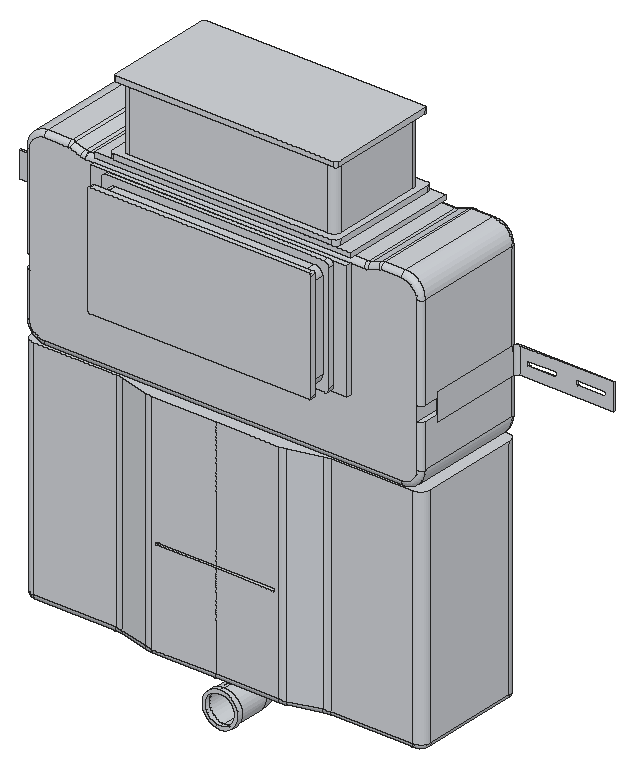
Revit family "Plum Fix_Toilet_Argent_In Wall Cistern Low-Level", category Plumbing Fixtures, Revit 2016
Family settings
  Part Type = Normal
  Round Connector Dimension = Use Diameter
  OmniClass Number = 23.45.05.21.11
  OmniClass Title = Water Closets
  Work Plane-Based = No
  Always vertical = Yes
  Cut with Voids When Loaded = Yes
  Shared = No
  Room Calculation Point = No
Parameters (values of type "4.5/3L")
  Waste Connection = no
  WFU = 0
  Vent Connection = no
  URL = "https://www.argentaust.com.au/"
  Type Comments = "In-Wall 4.5/3L"
  ModifiedIssue_ANZRS = 20190423
  Model = "IN36305"
  Manufacturer_URL__Product Specific = "https://www.argentaust.com.au/argent-flushing-in-wall-cisterns-argent-low-level-in-wall-cistern-mechanical?item=8984"
  Manufacturer_Spec Code = Model  # "IN36305"
  Manufacturer_Overall Width = 405 mm  # constant formula
  Manufacturer_Overall Height = 535 mm
  Manufacturer_Overall Depth = 150 mm
  Manufacturer_Height From FFL [instance] = 660 mm
  Manufacturer = "Argent"  # constant formula
  Keynote = ""
  HWFU = 0
  HW Connection = no
  Description = "Argent Low level in wall cistern 4.5/3L"  # constant formula
  CreatedBy_ANZRS = "IGS BIM Solutions"  # constant formula
  CreatedByURL_ANZRS = "https://igsgroup.com.au/"
  Cost = 0
  CWFU = 0
  CW Connection = yes
  Body Material = none
  Assembly Code = ""
Reference planes
  plane 1 "Ref. Level": z = 0
  plane 2 "Center (Left/Right)": x = -4.48
  plane 3 "Left": x = -206.98
  plane 4 "Right": x = 198.02
  plane 5 "Front Offset": y = -450.5
  plane 6 "Back": y = -320.5
  plane 7 "Bottom": z = 660
  plane 8 "Front": y = -470.5
  plane 9 "Top": z = 1195
  plane 10 "Top Offset": z = 1125
  plane 11 "Center ofCistern": z = 925
Forms (mm)
  Sweep 1, solid, material <- "Body Material"
    path origin (0, -470.5, 0) x (0, 0, 1) y (-1, 0, 0)
      loop
        arc (1105.561, 105.21) -> (1102.632, 112.281) -> (1095.561, 115.21) r 10
        line (1095.561, 115.21) -> (1005.561, 115.21)
        arc (1005.561, 115.21) -> (998.489, 112.281) -> (995.561, 105.21) r 10
        line (995.561, 105.21) -> (995.561, -96.25)
        arc (995.561, -96.25) -> (998.489, -103.321) -> (1005.561, -106.25) r 10
        line (1005.561, -106.25) -> (1095.561, -106.25)
        arc (1095.561, -106.25) -> (1102.632, -103.321) -> (1105.561, -96.25) r 10
        line (1105.561, -96.25) -> (1105.561, 105.21)
    profile origin (-4.48, -470.5, 1105.561) x (0, 0, 1) y (0, -1, 0)
      loop
        line (-4, -20) -> (-2, -20) -> (-2, -5) -> (-4, -5) -> (-4, -20)
  Extrusion 2, solid, material <- "Body Material"
    sketch origin (-4.48, -47.376, 1125) x (0, 1, 0) y (1, 0, 0)
      loop
        line (-273.124, -110.73) -> (-273.124, 110.73)
        arc (-273.124, 110.73) -> (-274.589, 114.265) -> (-278.124, 115.73) r 5
        line (-278.124, 115.73) -> (-388.124, 115.73)
        arc (-388.124, 115.73) -> (-391.66, 114.265) -> (-393.124, 110.73) r 5
        line (-393.124, 110.73) -> (-393.124, -110.73)
        arc (-393.124, -110.73) -> (-391.66, -114.265) -> (-388.124, -115.73) r 5
        line (-388.124, -115.73) -> (-278.124, -115.73)
        arc (-278.124, -115.73) -> (-274.589, -114.265) -> (-273.124, -110.73) r 5
    from 0 to 5
  Extrusion 3, solid, material <- "Body Material"
    sketch origin (-4.48, -47.376, 1195) x (0, 1, 0) y (1, 0, 0)
      loop
        line (-275.624, -110.73) -> (-275.624, 110.73)
        arc (-275.624, 110.73) -> (-276.356, 112.498) -> (-278.124, 113.23) r 2.5
        line (-278.124, 113.23) -> (-388.124, 113.23)
        arc (-388.124, 113.23) -> (-389.892, 112.498) -> (-390.624, 110.73) r 2.5
        line (-390.624, 110.73) -> (-390.624, -110.73)
        arc (-390.624, -110.73) -> (-389.892, -112.498) -> (-388.124, -113.23) r 2.5
        line (-388.124, -113.23) -> (-278.124, -113.23)
        arc (-278.124, -113.23) -> (-276.356, -112.498) -> (-275.624, -110.73) r 2.5
    from 0 to 5
  Sweep 4, solid, material <- "Body Material"
    path origin (-4.48, -47.376, 1195) x (0, 1, 0) y (-1, 0, 0)
      loop
        arc (-278.124, 100.73) -> (-281.053, 107.801) -> (-288.124, 110.73) r 10
        line (-288.124, 110.73) -> (-378.124, 110.73)
        arc (-378.124, 110.73) -> (-385.195, 107.801) -> (-388.124, 100.73) r 10
        line (-388.124, 100.73) -> (-388.124, -100.73)
        arc (-388.124, -100.73) -> (-385.195, -107.801) -> (-378.124, -110.73) r 10
        line (-378.124, -110.73) -> (-288.124, -110.73)
        arc (-288.124, -110.73) -> (-281.053, -107.801) -> (-278.124, -100.73) r 10
        line (-278.124, -100.73) -> (-278.124, 100.73)
    profile origin (-4.48, -325.5, 1195) x (0, 1, 0) y (0, 0, 1)
      loop
        line (-4, -70) -> (-2, -70) -> (-2, -5) -> (-4, -5) -> (-4, -70)
  Extrusion 5, solid, material <- "Body Material"
    sketch origin (4267.2, -450.5, 2852.183) x (0, 0, 1) y (1, 0, 0)
      loop
        line (-1741.623, -4382.41) -> (-1741.623, -4160.95)
        arc (-1741.623, -4160.95) -> (-1743.087, -4157.414) -> (-1746.623, -4155.95) r 5
        line (-1746.623, -4155.95) -> (-1856.623, -4155.95)
        arc (-1856.623, -4155.95) -> (-1860.158, -4157.414) -> (-1861.623, -4160.95) r 5
        line (-1861.623, -4160.95) -> (-1861.623, -4382.41)
        arc (-1861.623, -4382.41) -> (-1860.158, -4385.945) -> (-1856.623, -4387.41) r 5
        line (-1856.623, -4387.41) -> (-1746.623, -4387.41)
        arc (-1746.623, -4387.41) -> (-1743.087, -4385.945) -> (-1741.623, -4382.41) r 5
    from 5 to 0
  Extrusion 6, solid, material <- "Body Material"
    sketch origin (0, -470.5, 0) x (0, 0, 1) y (-1, 0, 0)
      loop
        arc (1108.061, 115.21) -> (1107.328, 116.978) -> (1105.561, 117.71) r 2.5
        line (1105.561, 117.71) -> (995.561, 117.71)
        arc (995.561, 117.71) -> (993.793, 116.978) -> (993.061, 115.21) r 2.5
        line (993.061, 115.21) -> (993.061, -106.25)
        arc (993.061, -106.25) -> (993.793, -108.018) -> (995.561, -108.75) r 2.5
        line (995.561, -108.75) -> (1105.561, -108.75)
        arc (1105.561, -108.75) -> (1107.328, -108.018) -> (1108.061, -106.25) r 2.5
        line (1108.061, -106.25) -> (1108.061, 115.21)
    from 0 to -5
  Extrusion 7, solid, material <- "Body Material"
    sketch origin (-28.989, 0, 925) x (0, 1, 0) y (1, 0, 0)
      loop
        line (-320.5, -167.991) -> (-320.5, 217.009)
        arc (-320.5, 217.009) -> (-323.429, 224.08) -> (-330.5, 227.009) r 10
        line (-330.5, 227.009) -> (-430.5, 227.009)
        arc (-430.5, 227.009) -> (-437.571, 224.08) -> (-440.5, 217.009) r 10
        line (-440.5, 217.009) -> (-440.5, 133.964)
        arc (-440.5, 133.964) -> (-440.756, 130.055) -> (-441.519, 126.213) r 30
        line (-441.519, 126.213) -> (-449.481, 96.444)
        arc (-449.481, 96.444) -> (-450.244, 92.601) -> (-450.5, 88.692) r 30
        line (-450.5, 88.692) -> (-450.5, 24.509) -> (-450.5, -39.673)
        arc (-450.5, -39.673) -> (-450.244, -43.582) -> (-449.481, -47.425) r 30
        line (-449.481, -47.425) -> (-441.519, -77.194)
        arc (-441.519, -77.194) -> (-440.756, -81.037) -> (-440.5, -84.946) r 30
        line (-440.5, -84.946) -> (-440.5, -167.991)
        arc (-440.5, -167.991) -> (-437.571, -175.062) -> (-430.5, -177.991) r 10
        line (-430.5, -177.991) -> (-330.5, -177.991)
        arc (-330.5, -177.991) -> (-323.429, -175.062) -> (-320.5, -167.991) r 10
    from 0 to 235
  Extrusion 8, solid, material <- "Body Material"
    sketch origin (-137.256, -320.5, 4000) x (-1, 0, 0) y (0, 0, 1)
      loop
        line (-314.276, -3075) -> (48.724, -3075)
        arc (48.724, -3075) -> (62.867, -3069.142) -> (68.724, -3055) r 20
        line (68.724, -3055) -> (68.724, -3010.818) -> (63.724, -3010.818) -> (63.724, -2995.818) -> (68.724, -2995.818) -> (68.724, -2900)
        arc (68.724, -2900) -> (62.867, -2885.858) -> (48.724, -2880) r 20
        line (48.724, -2880) -> (24.225, -2880)
        arc (24.225, -2880) -> (22.489, -2880.152) -> (20.805, -2880.603) r 10
        line (20.805, -2880.603) -> (10.381, -2884.397)
        arc (10.381, -2884.397) -> (8.698, -2884.848) -> (6.961, -2885) r 10
        line (6.961, -2885) -> (-276.262, -2885)
        arc (-276.262, -2885) -> (-277.999, -2884.848) -> (-279.683, -2884.397) r 10
        line (-279.683, -2884.397) -> (-290.106, -2880.603)
        arc (-290.106, -2880.603) -> (-291.79, -2880.152) -> (-293.526, -2880) r 10
        line (-293.526, -2880) -> (-314.276, -2880)
        arc (-314.276, -2880) -> (-328.418, -2885.858) -> (-334.276, -2900) r 20
        line (-334.276, -2900) -> (-334.276, -2995.818) -> (-329.276, -2995.818) -> (-329.276, -3010.818) -> (-334.276, -3010.818) -> (-334.276, -3055)
        arc (-334.276, -3055) -> (-328.418, -3069.142) -> (-314.276, -3075) r 20
    from 0 to -120
  Extrusion 9, solid, material <- "Body Material"
    sketch origin (-137.256, -320.5, 4000) x (-1, 0, 0) y (0, 0, 1)
      loop
        line (-2.776, -2889.439) -> (-262.776, -2889.439) -> (-262.776, -3009.439) -> (-2.776, -3009.439) -> (-2.776, -2889.439)
    from -120 to -125
  Extrusion 10, solid, material <- "Body Material"
    sketch origin (-4.48, 0, 1125) x (0, 1, 0) y (1, 0, 0)
      loop
        line (-320.5, -130) -> (-320.5, 130) -> (-440.5, 130) -> (-440.5, -130) -> (-320.5, -130)
    from 5 to 10
  Sweep 11, void
    path origin (-137.256, -320.5, 4000) x (-1, 0, 0) y (0, 0, 1)
      loop
        line (68.724, -2995.818) -> (68.724, -2900)
        arc (68.724, -2900) -> (62.867, -2885.858) -> (48.724, -2880) r 20
        line (48.724, -2880) -> (24.225, -2880)
        arc (24.225, -2880) -> (22.489, -2880.152) -> (20.805, -2880.603) r 10
        line (20.805, -2880.603) -> (10.381, -2884.397)
        arc (10.381, -2884.397) -> (8.698, -2884.848) -> (6.961, -2885) r 10
        line (6.961, -2885) -> (-276.262, -2885)
        arc (-276.262, -2885) -> (-277.999, -2884.848) -> (-279.683, -2884.397) r 10
        line (-279.683, -2884.397) -> (-290.106, -2880.603)
        arc (-290.106, -2880.603) -> (-291.79, -2880.152) -> (-293.526, -2880) r 10
        line (-293.526, -2880) -> (-314.276, -2880)
        arc (-314.276, -2880) -> (-328.418, -2885.858) -> (-334.276, -2900) r 20
        line (-334.276, -2900) -> (-334.276, -2995.818)
    profile origin (-173.73, -320.5, 1120) x (0, 0, -1) y (0, 1, 0)
      loop
        line (0, -120) -> (5, -120)
        arc (5, -120) -> (1.464, -118.536) -> (0, -115) r 5
        line (0, -115) -> (0, -120)
      loop
        line (0, 0) -> (0, -5)
        arc (0, -5) -> (1.464, -1.464) -> (5, 0) r 5
        line (5, 0) -> (0, 0)
  Sweep 12, void
    path origin (0, 0, 660) x (0, -1, 0) y (-1, 0, 0)
      loop
        line (320.5, 196.98) -> (320.5, -188.02)
        arc (320.5, -188.02) -> (323.429, -195.091) -> (330.5, -198.02) r 10
        line (330.5, -198.02) -> (430.5, -198.02)
        arc (430.5, -198.02) -> (437.571, -195.091) -> (440.5, -188.02) r 10
        line (440.5, -188.02) -> (440.5, -104.975)
        arc (440.5, -104.975) -> (440.756, -101.066) -> (441.519, -97.223) r 30
        line (441.519, -97.223) -> (449.481, -67.454)
        arc (449.481, -67.454) -> (450.244, -63.612) -> (450.5, -59.703) r 30
        line (450.5, -59.703) -> (450.5, 4.48) -> (450.5, 68.663)
        arc (450.5, 68.663) -> (450.244, 72.572) -> (449.481, 76.414) r 30
        line (449.481, 76.414) -> (441.519, 106.183)
        arc (441.519, 106.183) -> (440.756, 110.026) -> (440.5, 113.935) r 30
        line (440.5, 113.935) -> (440.5, 196.98)
        arc (440.5, 196.98) -> (437.571, 204.051) -> (430.5, 206.98) r 10
        line (430.5, 206.98) -> (330.5, 206.98)
        arc (330.5, 206.98) -> (323.429, 204.051) -> (320.5, 196.98) r 10
    profile origin (-4.48, -320.5, 660) x (0, 1, 0) y (0, 0, 1)
      loop
        line (0, 30) -> (0, 35)
        arc (0, 35) -> (-1.464, 31.464) -> (-5, 30) r 5
        line (-5, 30) -> (0, 30)
  Extrusion 13, void
    sketch origin (-4.48, 0, 0) x (0, 1, 0) y (0, 0, 1)
      loop
        arc (-450.5, 791.5) -> (-449.5, 792.5) -> (-450.5, 793.5) r 1
        line (-450.5, 793.5) -> (-450.5, 791.5)
    from -60 to 60
  Extrusion 14, void
    sketch origin (-4.48, 0, 0) x (0, 1, 0) y (0, 0, 1)
      loop
        line (-320.5, 1079) -> (-343, 1079) -> (-356.75, 1065.25) -> (-356.75, 1044) -> (-320.5, 1044) -> (-320.5, 1079)
    from -130 to -202.5
  Extrusion 15, solid, material <- "Body Material"
    sketch origin (-4.48, 0, 0) x (0, 1, 0) y (0, 0, 1)
      loop
        line (-325.5, 1079) -> (-343, 1079) -> (-356.75, 1065.25) -> (-356.75, 1044) -> (-325.5, 1044) -> (-325.5, 1079)
      loop
        circle (-340.685, 1059.875) r 6.35
    from -130 to -198.022
  Extrusion 16, solid, material <- "Body Material"
    sketch origin (-4.48, 0, 0) x (0, 1, 0) y (0, 0, 1)
      loop
        circle (-340.685, 1059.875) r 6.35
      loop
        circle (-340.685, 1059.875) r 7.5
    from -198.022 to -202.5
  Extrusion 17, solid, material <- "Body Material"
    sketch origin (-189.564, -1524, 660) x (0, -1, 0) y (1, 0, 0)
      loop
        circle (-1139.634, 185.084) r 20
      loop
        circle (-1139.634, 185.084) r 15
    from -25 to -30
  Sweep 18, solid, material <- "Body Material"
    path origin (-4.48, 0, 30) x (0, 1, 0) y (0, 0, 1)
      loop
        line (-439.366, 630) -> (-407.366, 630)
        arc (-407.366, 630) -> (-391.103, 636.737) -> (-384.366, 653) r 23
        line (-384.366, 653) -> (-384.366, 705)
    profile origin (-4.48, -384.366, 709) x (0, -1, 0) y (1, 0, 0)
      loop
        circle (0, 0) r 15
      loop
        circle (0, 0) r 17
  Extrusion 19, solid, material <- "Body Material"
    sketch origin (-4.48, -439.366, 660) x (0, 0, -1) y (1, 0, 0)
      loop
        circle (0, 0) r 15
      loop
        circle (0, 0) r 18.022
    from 0 to 5
  Sweep 20, void
    path origin (-137.256, -320.5, 4000) x (-1, 0, 0) y (0, 0, 1)
      loop
        line (-334.276, -3010.818) -> (-334.276, -3055)
        arc (-334.276, -3055) -> (-328.418, -3069.142) -> (-314.276, -3075) r 20
        line (-314.276, -3075) -> (48.724, -3075)
        arc (48.724, -3075) -> (62.867, -3069.142) -> (68.724, -3055) r 20
        line (68.724, -3055) -> (68.724, -3010.818)
    profile origin (-4.48, -320.5, 925) x (0, 0, 1) y (0, 1, 0)
      loop
        line (0, -120) -> (5, -120)
        arc (5, -120) -> (1.464, -118.536) -> (0, -115) r 5
        line (0, -115) -> (0, -120)
      loop
        line (0, 0) -> (0, -5)
        arc (0, -5) -> (1.464, -1.464) -> (5, 0) r 5
        line (5, 0) -> (0, 0)
  Sweep 21, solid, material <- "Body Material"
    path origin (-28.989, 0, 925) x (0, 1, 0) y (-1, 0, 0)
      loop
        line (-420.5, 176.991) -> (-325.5, 176.991)
        arc (-325.5, 176.991) -> (-321.964, 178.455) -> (-320.5, 181.991) r 5
        line (-320.5, 181.991) -> (-320.5, 276.991)
    profile origin (-205.98, -373, 925) x (-1, 0, 0) y (0, 0, 1)
      loop
        line (0, 85.173) -> (0, 58.182) -> (1, 58.182) -> (1, 85.173) -> (0, 85.173)
  Sweep 22, solid, material <- "Body Material"
    path origin (20.029, 0, 925) x (0, -1, 0) y (1, 0, 0)
      loop
        line (420.5, 176.991) -> (325.5, 176.991)
        arc (325.5, 176.991) -> (321.964, 178.455) -> (320.5, 181.991) r 5
        line (320.5, 181.991) -> (320.5, 276.991)
    profile origin (197.02, -373, 925) x (-1, 0, 0) y (0, 0, 1)
      loop
        line (0, 85.173) -> (-1, 85.173) -> (-1, 58.182) -> (0, 58.182) -> (0, 85.173)
  Extrusion 23, void
    sketch origin (-137.256, -320.5, 4000) x (-1, 0, 0) y (0, 0, 1)
      loop
        arc (-424.276, -3000.823) -> (-426.776, -3003.323) -> (-424.276, -3005.823) r 2.5
        line (-424.276, -3005.823) -> (-399.276, -3005.823)
        arc (-399.276, -3005.823) -> (-396.776, -3003.323) -> (-399.276, -3000.823) r 2.5
        line (-399.276, -3000.823) -> (-424.276, -3000.823)
      loop
        arc (-374.276, -3000.823) -> (-376.776, -3003.323) -> (-374.276, -3005.823) r 2.5
        line (-374.276, -3005.823) -> (-349.276, -3005.823)
        arc (-349.276, -3005.823) -> (-346.776, -3003.323) -> (-349.276, -3000.823) r 2.5
        line (-349.276, -3000.823) -> (-374.276, -3000.823)
      loop
        line (158.724, -3000.823) -> (133.724, -3000.823)
        arc (133.724, -3000.823) -> (131.224, -3003.323) -> (133.724, -3005.823) r 2.5
        line (133.724, -3005.823) -> (158.724, -3005.823)
        arc (158.724, -3005.823) -> (161.224, -3003.323) -> (158.724, -3000.823) r 2.5
      loop
        line (108.724, -3000.823) -> (83.724, -3000.823)
        arc (83.724, -3000.823) -> (81.224, -3003.323) -> (83.724, -3005.823) r 2.5
        line (83.724, -3005.823) -> (108.724, -3005.823)
        arc (108.724, -3005.823) -> (111.224, -3003.323) -> (108.724, -3000.823) r 2.5
    from 0 to -1
Cuts and joins
  Sweep 11, Extrusion 14, Sweep 20 cuts Extrusion 8
  Sweep 12, Extrusion 13 cuts Extrusion 7
  Extrusion 23 cuts Sweep 21
  Extrusion 23 cuts Sweep 22
Lines and regions (mm)
  Masking region 1
    outline origin (0, -470.5, 0) x (0, 0, 1) y (-1, 0, 0)
      loop
        line (990.561, 115.21) -> (990.561, -106.25)
        arc (990.561, -106.25) -> (992.025, -109.786) -> (995.561, -111.25) r 5
        line (995.561, -111.25) -> (1105.561, -111.25)
        arc (1105.561, -111.25) -> (1109.096, -109.786) -> (1110.561, -106.25) r 5
        line (1110.561, -106.25) -> (1110.561, 115.21)
        arc (1110.561, 115.21) -> (1109.096, 118.745) -> (1105.561, 120.21) r 5
        line (1105.561, 120.21) -> (995.561, 120.21)
        arc (995.561, 120.21) -> (992.025, 118.745) -> (990.561, 115.21) r 5
  Masking region 2
    outline origin (0, 0, 1195) x (0, 1, 0) y (-1, 0, 0)
      loop
        line (-320.5, 305.98) -> (-321.5, 305.98) -> (-321.5, 210.98)
        arc (-321.5, 210.98) -> (-322.672, 208.152) -> (-325.5, 206.98) r 4
        line (-325.5, 206.98) -> (-430.5, 206.98)
        arc (-430.5, 206.98) -> (-432.773, 206.718) -> (-434.926, 205.947) r 10
        arc (-434.926, 205.947) -> (-438.827, 204.713) -> (-440.5, 200.98) r 5
        line (-440.5, 200.98) -> (-440.5, 134.48) -> (-445.5, 134.48) -> (-445.5, 120.21) -> (-450.5, 120.21) -> (-450.5, 115.21) -> (-465.5, 115.21) -> (-465.5, 117.71) -> (-470.5, 117.71) -> (-470.5, -108.75) -> (-465.5, -108.75) -> (-465.5, -106.25) -> (-450.5, -106.25) -> (-450.5, -111.25) -> (-445.5, -111.25) -> (-445.5, -125.52) -> (-440.5, -125.52) -> (-440.5, -192.02)
        arc (-440.5, -192.02) -> (-438.827, -195.753) -> (-434.926, -196.987) r 5
        arc (-434.926, -196.987) -> (-432.773, -197.758) -> (-430.5, -198.02) r 10
        line (-430.5, -198.02) -> (-325.5, -198.02)
        arc (-325.5, -198.02) -> (-322.672, -199.192) -> (-321.5, -202.02) r 4
        line (-321.5, -202.02) -> (-321.5, -297.02) -> (-320.5, -297.02) -> (-320.5, -202.02)
        arc (-320.5, -202.02) -> (-321.964, -198.484) -> (-325.5, -197.02) r 5
        arc (-325.5, -197.02) -> (-321.964, -195.556) -> (-320.5, -192.02) r 5
        line (-320.5, -192.02) -> (-320.5, 200.98)
        arc (-320.5, 200.98) -> (-321.964, 204.516) -> (-325.5, 205.98) r 5
        arc (-325.5, 205.98) -> (-321.964, 207.444) -> (-320.5, 210.98) r 5
        line (-320.5, 210.98) -> (-320.5, 305.98)
  Masking region 3
    outline origin (198.02, 0, 0) x (0, 1, 0) y (0, 0, 1)
      loop
        line (-438, 1195) -> (-438, 1190) -> (-435.5, 1190) -> (-435.5, 1125) -> (-440.5, 1125) -> (-440.5, 1110.561) -> (-450.5, 1110.561) -> (-450.5, 1105.561) -> (-465.5, 1105.561) -> (-465.5, 1108.061) -> (-470.5, 1108.061) -> (-470.5, 993.061) -> (-465.5, 993.061) -> (-465.5, 995.561) -> (-450.5, 995.561) -> (-450.5, 990.561) -> (-440.5, 990.561) -> (-440.5, 930)
        arc (-440.5, 930) -> (-439.036, 926.464) -> (-435.5, 925) r 5
        line (-435.5, 925) -> (-450.5, 925) -> (-450.5, 695)
        arc (-450.5, 695) -> (-449.036, 691.464) -> (-445.5, 690) r 5
        line (-445.5, 690) -> (-404.366, 690) -> (-404.366, 685) -> (-401.347, 685)
        arc (-401.347, 685) -> (-403.45, 679.581) -> (-408.658, 677) r 8.032
        line (-408.658, 677) -> (-439.366, 677) -> (-439.366, 678.022) -> (-444.366, 678.022) -> (-444.366, 641.978) -> (-439.366, 641.978) -> (-439.366, 643) -> (-404.812, 643)
        arc (-404.812, 643) -> (-377.278, 656.452) -> (-366.136, 685) r 42.143
        line (-366.136, 685) -> (-364.366, 685) -> (-364.366, 690) -> (-325.5, 690)
        arc (-325.5, 690) -> (-321.964, 691.464) -> (-320.5, 695) r 5
        line (-320.5, 695) -> (-320.5, 1125) -> (-325.5, 1125) -> (-325.5, 1190) -> (-323, 1190) -> (-323, 1195) -> (-438, 1195)
  symbolic lines, style "Toilets/Bidets", detail levels medium+fine
    curve 1: line (198.02, -443.5, 1195) -> (198.02, -445.5, 1195)
    curve 2: line (-115.21, -470.5, 1108.061) -> (106.25, -470.5, 1108.061)
    curve 3: arc (-115.21, -470.5, 1108.061) -> (-116.978, -470.5, 1107.328) -> (-117.71, -470.5, 1105.561) r 2.5
    curve 4: line (-117.71, -470.5, 995.561) -> (-117.71, -470.5, 1105.561)
    curve 5: arc (-117.71, -470.5, 995.561) -> (-116.978, -470.5, 993.793) -> (-115.21, -470.5, 993.061) r 2.5
    curve 6: line (106.25, -470.5, 993.061) -> (-115.21, -470.5, 993.061)
    curve 7: arc (106.25, -470.5, 993.061) -> (108.018, -470.5, 993.793) -> (108.75, -470.5, 995.561) r 2.5
    curve 8: line (108.75, -470.5, 1105.561) -> (108.75, -470.5, 995.561)
    curve 9: arc (108.75, -470.5, 1105.561) -> (108.018, -470.5, 1107.328) -> (106.25, -470.5, 1108.061) r 2.5
    curve 10: line (-115.21, -465.5, 1195) -> (106.25, -465.5, 1195)
    curve 11: line (-115.21, -450.5, 1195) -> (106.25, -450.5, 1195)
    curve 14: line (-205.98, -325.5, 1195) -> (-205.98, -435.5, 1195)
    curve 15: line (197.02, -325.5, 1195) -> (197.02, -435.5, 1195)
    curve 18: arc (-117.71, -325.5, 1195) -> (-116.978, -323.732, 1195) -> (-115.21, -323, 1195) r 2.5
    curve 19: line (-115.21, -323, 1195) -> (106.25, -323, 1195)
    curve 20: line (-117.71, -435.5, 1195) -> (-117.71, -325.5, 1195)
    curve 21: arc (-115.21, -438, 1195) -> (-116.978, -437.268, 1195) -> (-117.71, -435.5, 1195) r 2.5
    curve 22: line (106.25, -438, 1195) -> (-115.21, -438, 1195)
    curve 23: arc (108.75, -435.5, 1195) -> (108.018, -437.268, 1195) -> (106.25, -438, 1195) r 2.5
    curve 24: line (108.75, -325.5, 1195) -> (108.75, -435.5, 1195)
    curve 25: arc (106.25, -323, 1195) -> (108.018, -323.732, 1195) -> (108.75, -325.5, 1195) r 2.5
    curve 32: line (198.02, -435.5, 1190) -> (198.02, -325.5, 1190)
    curve 33: line (198.02, -434.5, 1125) -> (198.02, -325.5, 1125)
    curve 35: line (198.02, -440.5, 1110.561) -> (198.02, -440.5, 990.561)
    curve 36: line (198.02, -450.5, 1105.561) -> (198.02, -450.5, 995.561)
    curve 37: line (198.02, -465.5, 1105.561) -> (198.02, -465.5, 995.561)
    curve 40: line (198.02, -435.5, 925) -> (198.02, -320.5, 925)
    curve 41: line (198.02, -404.366, 690) -> (198.02, -364.366, 690)
    curve 44: line (198.02, -420.5, 1004.182) -> (198.02, -420.5, 1010.173)
    curve 45: line (198.02, -420.5, 1010.173) -> (198.02, -320.5, 1010.173)
    curve 47: line (198.02, -320.5, 983.182) -> (198.02, -420.5, 983.182)
    curve 48: line (198.02, -420.5, 983.182) -> (198.02, -420.5, 989.182)
    curve 49: line (198.02, -420.5, 989.182) -> (198.02, -440.5, 989.182)
    curve 50: line (198.02, -420.5, 1004.182) -> (198.02, -440.5, 1004.182)
  symbolic lines, style "Toilets/Bidets", detail levels fine
    curve 12: line (-120.21, -445.5, 1195) -> (111.25, -445.5, 1195)
    curve 13: line (-134.48, -440.5, 1195) -> (125.52, -440.5, 1195)
    curve 16: line (-134.48, -320.5, 1195) -> (-134.48, -440.5, 1195)
    curve 17: line (125.52, -320.5, 1195) -> (125.52, -440.5, 1195)
    curve 26: arc (106.25, -320.5, 1195) -> (109.786, -321.964, 1195) -> (111.25, -325.5, 1195) r 5
    curve 27: line (111.25, -325.5, 1195) -> (111.25, -435.5, 1195)
    curve 28: arc (111.25, -435.5, 1195) -> (109.786, -439.036, 1195) -> (106.25, -440.5, 1195) r 5
    curve 29: arc (-115.21, -440.5, 1195) -> (-118.745, -439.036, 1195) -> (-120.21, -435.5, 1195) r 5
    curve 30: line (-120.21, -435.5, 1195) -> (-120.21, -325.5, 1195)
    curve 31: arc (-120.21, -325.5, 1195) -> (-118.745, -321.964, 1195) -> (-115.21, -320.5, 1195) r 5
    curve 34: line (198.02, -445.5, 1110.561) -> (198.02, -445.5, 990.561)
    curve 38: line (198.02, -440.5, 1120) -> (198.02, -320.5, 1120)
    curve 39: line (198.02, -440.5, 1115) -> (198.02, -320.5, 1115)
    curve 42: line (198.02, -401.347, 685) -> (198.02, -366.136, 685)
    curve 43: line (198.02, -439.366, 677) -> (198.02, -439.366, 643)
    curve 46: line (198.02, -321.5, 1010.173) -> (198.02, -321.5, 983.182)
    curve 51: line (198.02, -420.5, 1004.182) -> (198.02, -420.5, 989.182)
Text (mm)
  text "Disclaimer:\n\nDue to ongoing product development and manufacturing evolution, product details are subject to change without notice. Please refer to product technical data sheets on the manufacturer’s website for the most current product information. Please allow a +/- 5mm manufacturing tolerance for dimensions and set-outs shown in product literature." at (322.054, -334.713, 0), in view "Ref. Level_Instruction"
Dimensions and locks
  "Manufacturer_Overall Height": plane 9 "Top" to plane 7 "Bottom"
  equal spacing: plane 3 "Left", plane 2 "Center (Left/Right)", plane 4 "Right"
  "Manufacturer_Overall Width": plane 3 "Left" to plane 4 "Right"
  "Manufacturer_Overall Depth": plane 8 "Front" to plane 6 "Back"
  "Manufacturer_Height From FFL": plane 7 "Bottom" to level
  locked: plane 6 "Back" to plane 5 "Front Offset" at 130
  locked: plane 10 "Top Offset" to plane 7 "Bottom" at 465
  locked: plane 10 "Top Offset" to plane 11 "Center ofCistern" at 200
  aligned and locked: Extrusion 3 to Sweep 4
  aligned and locked: plane 5 "Front Offset" to Extrusion 5
  aligned and locked: Extrusion 7 sketch curve to plane 6 "Back"
  aligned and locked: Extrusion 7 to plane 11 "Center ofCistern"
  aligned and locked: Extrusion 8 sketch curve to plane 11 "Center ofCistern"
  aligned and locked: Extrusion 9 to Extrusion 8
  aligned and locked: Sweep 11 sketch curve to Extrusion 10  (x2)
  aligned and locked: Sweep 11 sketch curve to Extrusion 8
  aligned and locked: Extrusion 8 to Sweep 11 sketch curve
  aligned and locked: Extrusion 9 to Extrusion 5
  aligned and locked: Sweep 12 sketch curve to Extrusion 7  (x4)
  aligned and locked: Sweep 12 sketch curve to plane 6 "Back"
  aligned and locked: Sweep 12 sketch curve to cut or joined group of Extrusion 7, Sweep 12, Extrusion 13  (x4)
Automatic sketch dimensions
  Sweep 1 sketch curve to plane 11 "Center ofCistern" = 70.561 mm
  Sweep 1 sketch curve to Sweep 1 sketch curve = 10 mm  (x3)
  plane 10 "Top Offset" to Sweep 1 sketch curve = 29.439 mm  (x2)
  Sweep 1 sketch curve to plane 4 "Right" = 91.77 mm
  Sweep 1 sketch curve to plane 2 "Center (Left/Right)" = 100.73 mm
  Extrusion 2 sketch curve to plane 6 "Back" = 0 mm
  Extrusion 2 sketch curve to plane 6 "Back" = 5 mm  (x2)
  plane 5 "Front Offset" to Extrusion 2 sketch curve = 15 mm  (x2)
  Extrusion 2 sketch curve to Extrusion 2 sketch curve = 5 mm
  Extrusion 2 sketch curve to plane 4 "Right" = 86.77 mm
  plane 3 "Left" to Extrusion 2 sketch curve = 91.77 mm
  plane 5 "Front Offset" to Extrusion 3 sketch curve = 12.5 mm
  Extrusion 3 sketch curve to Extrusion 3 sketch curve = 2.5 mm  (x2)
  Extrusion 3 sketch curve to plane 6 "Back" = 5 mm  (x2)
  Extrusion 3 sketch curve to plane 6 "Back" = 2.5 mm
  Extrusion 3 sketch curve to plane 4 "Right" = 89.27 mm
  plane 3 "Left" to Extrusion 3 sketch curve = 91.77 mm
  plane 5 "Front Offset" to Sweep 4 sketch curve = 15 mm
  Sweep 4 sketch curve to Sweep 4 sketch curve = 10 mm  (x2)
  Sweep 4 sketch curve to plane 6 "Back" = 15 mm  (x2)
  Sweep 4 sketch curve to plane 6 "Back" = 5 mm
  Sweep 4 sketch curve to plane 4 "Right" = 91.77 mm
  Sweep 4 sketch curve to plane 2 "Center (Left/Right)" = 100.73 mm
  Extrusion 5 sketch curve to plane 11 "Center ofCistern" = 65.561 mm
  Extrusion 5 sketch curve to Extrusion 5 sketch curve = 5 mm  (x3)
  plane 10 "Top Offset" to Extrusion 5 sketch curve = 19.439 mm  (x2)
  plane 3 "Left" to Extrusion 5 sketch curve = 86.77 mm
  Extrusion 5 sketch curve to plane 4 "Right" = 91.77 mm
  Extrusion 6 sketch curve to plane 11 "Center ofCistern" = 68.061 mm
  Extrusion 6 sketch curve to Extrusion 6 sketch curve = 2.5 mm  (x3)
  plane 10 "Top Offset" to Extrusion 6 sketch curve = 19.439 mm  (x2)
  Extrusion 6 sketch curve to plane 4 "Right" = 89.27 mm
  plane 3 "Left" to Extrusion 6 sketch curve = 91.77 mm
  Extrusion 8 sketch curve to plane 10 "Top Offset" = 0 mm  (x2)
  Extrusion 8 sketch curve to plane 4 "Right" = 1 mm  (x2)
  Extrusion 8 sketch curve to Extrusion 8 sketch curve = 5 mm
  Extrusion 8 sketch curve to Extrusion 8 sketch curve = 20 mm
  Extrusion 8 sketch curve to plane 11 "Center ofCistern" = 20 mm
  plane 10 "Top Offset" to Extrusion 8 sketch curve = 5 mm
  Extrusion 8 sketch curve to Extrusion 8 sketch curve = 20.749 mm
  plane 10 "Top Offset" to Extrusion 8 sketch curve = 5.603 mm  (x2)
  Extrusion 8 sketch curve to Extrusion 8 sketch curve = 3.42 mm  (x3)
  plane 10 "Top Offset" to Extrusion 8 sketch curve = 9.397 mm  (x2)
  Extrusion 8 sketch curve to Extrusion 8 sketch curve = 10.424 mm  (x2)
  plane 3 "Left" to Extrusion 8 sketch curve = 62.763 mm
  plane 3 "Left" to Extrusion 8 sketch curve = 21 mm  (x2)
  plane 3 "Left" to Extrusion 8 sketch curve = 6 mm
  plane 3 "Left" to Extrusion 8 sketch curve = 1 mm  (x2)
  Extrusion 8 sketch curve to Extrusion 8 sketch curve = 44.182 mm  (x2)
  Extrusion 8 sketch curve to Extrusion 8 sketch curve = 15 mm  (x2)
  Extrusion 8 sketch curve to Extrusion 8 sketch curve = 19.397 mm
  plane 10 "Top Offset" to Extrusion 9 sketch curve = 14.439 mm
  Extrusion 9 sketch curve to plane 4 "Right" = 72.5 mm
  plane 3 "Left" to Extrusion 9 sketch curve = 72.5 mm
  Extrusion 9 sketch curve to plane 11 "Center ofCistern" = 65.561 mm
  Extrusion 10 sketch curve to plane 6 "Back" = 0 mm
  plane 5 "Front Offset" to Extrusion 10 sketch curve = 10 mm
  Extrusion 10 sketch curve to plane 4 "Right" = 72.5 mm
  plane 3 "Left" to Extrusion 10 sketch curve = 72.5 mm
  Sweep 11 sketch curve to plane 10 "Top Offset" = 0 mm  (x2)
  Sweep 11 sketch curve to plane 4 "Right" = 1 mm
  Sweep 11 sketch curve to Sweep 11 sketch curve = 20 mm
  Sweep 11 sketch curve to Sweep 11 sketch curve = 20.749 mm
  plane 10 "Top Offset" to Sweep 11 sketch curve = 5.603 mm  (x2)
  Sweep 11 sketch curve to Sweep 11 sketch curve = 3.42 mm  (x3)
  plane 10 "Top Offset" to Sweep 11 sketch curve = 9.397 mm  (x2)
  Sweep 11 sketch curve to Sweep 11 sketch curve = 10.424 mm  (x2)
  plane 3 "Left" to Sweep 11 sketch curve = 62.763 mm
  plane 3 "Left" to Sweep 11 sketch curve = 21 mm
  plane 3 "Left" to Sweep 11 sketch curve = 1 mm
  Sweep 11 sketch curve to Sweep 11 sketch curve = 9.397 mm  (x2)
  Sweep 11 sketch curve to plane 11 "Center ofCistern" = 79.182 mm  (x2)
  Sweep 11 sketch curve to profile plane = 5 mm
  Sweep 11 sketch curve to Sweep 11 sketch curve = 5 mm
  Extrusion 13 sketch curve to plane 5 "Front Offset" = 0 mm
  Extrusion 14 sketch curve to plane 6 "Back" = 0 mm
  Extrusion 14 sketch curve to plane 6 "Back" = 22.5 mm
  Extrusion 14 sketch curve to plane 6 "Back" = 36.25 mm
  plane 10 "Top Offset" to Extrusion 14 sketch curve = 81 mm
  Extrusion 14 sketch curve to Extrusion 14 sketch curve = 21.25 mm
  Extrusion 14 sketch curve to Extrusion 14 sketch curve = 13.75 mm
  Extrusion 15 sketch curve to plane 6 "Back" = 36.25 mm
  Extrusion 15 sketch curve to Extrusion 15 sketch curve = 13.75 mm
  Extrusion 15 sketch curve to Extrusion 15 sketch curve = 16.065 mm
  Extrusion 15 sketch curve to plane 6 "Back" = 5 mm
  plane 10 "Top Offset" to Extrusion 15 sketch curve = 81 mm
  Extrusion 15 sketch curve to Extrusion 15 sketch curve = 15.875 mm
  Extrusion 15 sketch curve to Extrusion 15 sketch curve = 5.375 mm
  Extrusion 15 sketch curve to Extrusion 15 sketch curve = 19.125 mm
  Extrusion 16 sketch curve to Extrusion 16 sketch curve = 0 mm  (x2)
  Extrusion 16 sketch curve to plane 6 "Back" = 20.185 mm
  plane 10 "Top Offset" to Extrusion 16 sketch curve = 65.125 mm
  Extrusion 17 sketch curve to Extrusion 17 sketch curve = 0 mm  (x2)
  Extrusion 17 sketch curve to plane 2 "Center (Left/Right)" = 0 mm
  plane 6 "Back" to Extrusion 17 sketch curve = 63.866 mm
  plane 7 "Bottom" to Sweep 18 sketch curve = 0 mm
  plane 5 "Front Offset" to Sweep 18 sketch curve = 43.134 mm
  Sweep 18 sketch curve to plane 7 "Bottom" = 23 mm
  plane 5 "Front Offset" to Sweep 18 sketch curve = 11.134 mm
  Sweep 18 sketch curve to Sweep 18 sketch curve = 52 mm
  Sweep 18 sketch curve to Sweep 18 sketch curve = 0 mm  (x2)
  Sweep 18 sketch curve to profile plane = 0 mm  (x2)
  Sweep 20 sketch curve to plane 11 "Center ofCistern" = 0 mm
  Sweep 20 sketch curve to plane 4 "Right" = 1 mm
  Sweep 20 sketch curve to Sweep 20 sketch curve = 20 mm
  plane 3 "Left" to Sweep 20 sketch curve = 21 mm
  plane 3 "Left" to Sweep 20 sketch curve = 1 mm
  Sweep 20 sketch curve to Sweep 20 sketch curve = 44.182 mm  (x2)
  profile plane to Sweep 20 sketch curve = 0 mm  (x4)
  Sweep 20 sketch curve to plane 6 "Back" = 0 mm  (x2)
  Sweep 20 sketch curve to profile plane = 5 mm
  Sweep 20 sketch curve to plane 6 "Back" = 5 mm
  Sweep 20 sketch curve to Sweep 20 sketch curve = 110 mm
  Sweep 20 sketch curve to Sweep 20 sketch curve = 5 mm
  Sweep 20 sketch curve to Sweep 20 sketch curve = 0 mm  (x4)
  Sweep 21 sketch curve to plane 6 "Back" = 0 mm
  plane 3 "Left" to Sweep 21 sketch curve = 1 mm
  Sweep 21 sketch curve to plane 6 "Back" = 5 mm
  plane 5 "Front Offset" to Sweep 21 sketch curve = 30 mm
  Sweep 21 sketch curve to Sweep 21 sketch curve = 95 mm
  Sweep 21 sketch curve to profile plane = 0 mm
  Sweep 21 sketch curve to Sweep 21 sketch curve = 1 mm
  Sweep 21 sketch curve to plane 11 "Center ofCistern" = 58.182 mm
  Sweep 21 sketch curve to Sweep 21 sketch curve = 26.991 mm
  plane 6 "Back" to Sweep 22 sketch curve = 0 mm
  Sweep 22 sketch curve to plane 6 "Back" = 5 mm
  Sweep 22 sketch curve to plane 4 "Right" = 1 mm
  plane 5 "Front Offset" to Sweep 22 sketch curve = 30 mm
  Sweep 22 sketch curve to Sweep 22 sketch curve = 95 mm
  Sweep 22 sketch curve to profile plane = 0 mm
  profile plane to Sweep 22 sketch curve = 1 mm
  Sweep 22 sketch curve to plane 11 "Center ofCistern" = 58.182 mm
  Sweep 22 sketch curve to Sweep 22 sketch curve = 26.991 mm
  plane 4 "Right" to Extrusion 23 sketch curve = 89 mm
  Extrusion 23 sketch curve to Extrusion 23 sketch curve = 25 mm  (x5)
  plane 4 "Right" to Extrusion 23 sketch curve = 14 mm
  Extrusion 23 sketch curve to plane 3 "Left" = 14 mm
  Extrusion 23 sketch curve to plane 11 "Center ofCistern" = 69.177 mm  (x2)
  Extrusion 23 sketch curve to Extrusion 23 sketch curve = 0 mm  (x2)
  Extrusion 23 sketch curve to Extrusion 23 sketch curve = 2.5 mm  (x4)
  Extrusion 7 sketch curve to plane 5 "Front Offset" = 0 mm
  Extrusion 7 sketch curve to plane 3 "Left" = 0 mm
  Extrusion 7 sketch curve to plane 4 "Right" = 0 mm
  Extrusion 7 sketch curve to plane 2 "Center (Left/Right)" = 0 mm
  Extrusion 7 sketch curve to plane 5 "Front Offset" = 20 mm
  plane 5 "Front Offset" to Extrusion 7 sketch curve = 1.019 mm  (x2)
  plane 5 "Front Offset" to Extrusion 7 sketch curve = 8.981 mm  (x2)
  Extrusion 7 sketch curve to Extrusion 7 sketch curve = 1.019 mm  (x2)
  plane 3 "Left" to Extrusion 7 sketch curve = 10 mm  (x2)
  Extrusion 7 sketch curve to Extrusion 7 sketch curve = 10 mm
  plane 5 "Front Offset" to Extrusion 7 sketch curve = 30 mm
  Extrusion 7 sketch curve to Extrusion 7 sketch curve = 28.981 mm
  Extrusion 7 sketch curve to plane 4 "Right" = 10 mm
  Extrusion 7 sketch curve to Extrusion 7 sketch curve = 83.045 mm
  Extrusion 7 sketch curve to Extrusion 7 sketch curve = 7.752 mm
  Extrusion 7 sketch curve to Extrusion 7 sketch curve = 29.769 mm  (x2)
  Extrusion 7 sketch curve to plane 2 "Center (Left/Right)" = 64.183 mm
  Sweep 12 sketch curve to profile plane = 0 mm
  Sweep 12 sketch curve to Sweep 12 sketch curve = 5 mm  (x2)
  Sweep 12 sketch curve to plane 7 "Bottom" = 30 mm
  Sweep 12 sketch curve to Sweep 12 sketch curve = 0 mm  (x3)
  Sweep 12 sketch curve to plane 2 "Center (Left/Right)" = 0 mm
  Sweep 12 sketch curve to plane 5 "Front Offset" = 1.019 mm  (x2)
  Sweep 12 sketch curve to Sweep 12 sketch curve = 1.019 mm  (x2)
  Extrusion 13 sketch curve to plane 7 "Bottom" = 131.5 mm
  Extrusion 13 sketch curve to Extrusion 13 sketch curve = 1 mm
  curve 7 to plane 11 "Center ofCistern" = 70.561 mm
  curve 7 to plane 4 "Right" = 91.77 mm
  curve 3 to curve 3 = 2.5 mm
  curve 9 to curve 9 = 2.5 mm
  Masking region 3 sketch curve to plane 8 "Front" = 0 mm
  Masking region 3 sketch curve to plane 5 "Front Offset" = 0 mm  (x3)
  plane 10 "Top Offset" to Masking region 3 sketch curve = 0 mm  (x2)
  plane 9 "Top" to Masking region 3 sketch curve = 0 mm
  plane 11 "Center ofCistern" to Masking region 3 sketch curve = 0 mm
  Masking region 3 sketch curve to plane 6 "Back" = 0 mm
  Masking region 3 sketch curve to plane 8 "Front" = 5 mm  (x2)
  Masking region 3 sketch curve to Masking region 3 sketch curve = 5 mm  (x10)
  plane 5 "Front Offset" to Masking region 3 sketch curve = 6.134 mm
  plane 5 "Front Offset" to Masking region 3 sketch curve = 10 mm
  Masking region 3 sketch curve to Masking region 3 sketch curve = 10 mm
  plane 5 "Front Offset" to Masking region 3 sketch curve = 12.5 mm
  Masking region 3 sketch curve to Masking region 3 sketch curve = 29.987 mm
  Masking region 3 sketch curve to Masking region 3 sketch curve = 0.722 mm
  Masking region 3 sketch curve to Masking region 3 sketch curve = 1.102 mm
  plane 7 "Bottom" to Masking region 3 sketch curve = 17 mm
  Masking region 3 sketch curve to Masking region 3 sketch curve = 3.846 mm
  Masking region 3 sketch curve to Masking region 3 sketch curve = 3.912 mm
  Masking region 3 sketch curve to Masking region 3 sketch curve = 3.019 mm
  Masking region 3 sketch curve to plane 7 "Bottom" = 25 mm
  Masking region 3 sketch curve to Masking region 3 sketch curve = 1.769 mm
  Masking region 3 sketch curve to plane 6 "Back" = 5 mm  (x2)
  Masking region 3 sketch curve to plane 6 "Back" = 2.5 mm
  Masking region 3 sketch curve to Masking region 3 sketch curve = 1.022 mm  (x2)
  Masking region 3 sketch curve to Masking region 3 sketch curve = 8 mm
  Masking region 3 sketch curve to Masking region 3 sketch curve = 60.561 mm
  Masking region 3 sketch curve to Masking region 3 sketch curve = 2.5 mm  (x2)
  plane 10 "Top Offset" to Masking region 3 sketch curve = 19.439 mm
  plane 9 "Top" to Masking region 3 sketch curve = 5 mm
  curve 36 to plane 5 "Front Offset" = 0 mm
  plane 9 "Top" to curve 1 = 0 mm
  plane 11 "Center ofCistern" to curve 40 = 0 mm
  plane 10 "Top Offset" to curve 33 = 0 mm
  curve 38 to plane 6 "Back" = 0 mm
  curve 39 to plane 6 "Back" = 0 mm
  curve 40 to plane 6 "Back" = 0 mm
  curve 47 to plane 6 "Back" = 0 mm
  curve 45 to plane 6 "Back" = 0 mm
  curve 37 to plane 8 "Front" = 5 mm
  plane 5 "Front Offset" to curve 34 = 5 mm
  plane 5 "Front Offset" to curve 1 = 5 mm
  curve 1 to curve 1 = 2 mm
  curve 34 to curve 35 = 5 mm
  curve 49 to curve 35 = 0 mm
  curve 39 to curve 35 = 0 mm
  curve 38 to curve 39 = 0 mm
  plane 5 "Front Offset" to curve 43 = 11.134 mm
  curve 1 to curve 32 = 8 mm
  plane 5 "Front Offset" to curve 40 = 15 mm
  curve 38 to curve 33 = 6 mm
  curve 50 to curve 51 = 20 mm
  curve 43 to curve 41 = 35 mm
  curve 41 to curve 42 = 3.019 mm
  curve 42 to curve 42 = 35.212 mm
  curve 42 to curve 41 = 1.769 mm
  curve 33 to plane 6 "Back" = 5 mm
  curve 32 to plane 6 "Back" = 5 mm
  curve 46 to curve 45 = 1 mm
  curve 41 to plane 7 "Bottom" = 30 mm
  curve 42 to curve 41 = 5 mm
  curve 43 to plane 7 "Bottom" = 17 mm
  plane 7 "Bottom" to curve 43 = 17 mm
  curve 48 to plane 11 "Center ofCistern" = 58.182 mm
  curve 47 to curve 49 = 6.001 mm
  curve 49 to curve 34 = 1.378 mm
  curve 49 to curve 35 = 1.378 mm
  curve 34 to curve 37 = 5 mm
  curve 34 to curve 36 = 5 mm
  curve 36 to curve 50 = 8.622 mm
  curve 47 to curve 45 = 26.991 mm
  plane 10 "Top Offset" to curve 37 = 19.439 mm
  curve 37 to curve 36 = 0 mm
  curve 36 to curve 34 = 5 mm
  curve 34 to curve 35 = 0 mm
  plane 10 "Top Offset" to curve 39 = 10 mm
  plane 10 "Top Offset" to curve 38 = 5 mm
  plane 9 "Top" to curve 32 = 5 mm
  Masking region 2 sketch curve to Masking region 2 sketch curve = 0 mm  (x4)
  plane 8 "Front" to Masking region 2 sketch curve = 0 mm
  Masking region 2 sketch curve to plane 5 "Front Offset" = 0 mm  (x2)
  Masking region 2 sketch curve to plane 4 "Right" = 0 mm
  Masking region 2 sketch curve to plane 3 "Left" = 0 mm
  Masking region 2 sketch curve to plane 6 "Back" = 0 mm  (x3)
  Masking region 2 sketch curve to plane 8 "Front" = 5 mm  (x2)
  plane 5 "Front Offset" to Masking region 2 sketch curve = 5 mm  (x2)
  Masking region 2 sketch curve to Masking region 2 sketch curve = 5 mm  (x10)
  Masking region 2 sketch curve to plane 6 "Back" = 5 mm  (x3)
  Masking region 2 sketch curve to plane 6 "Back" = 1 mm  (x2)
  Masking region 2 sketch curve to Masking region 2 sketch curve = 95 mm  (x2)
  Masking region 2 sketch curve to plane 4 "Right" = 6 mm
  Masking region 2 sketch curve to Masking region 2 sketch curve = 4 mm
  Masking region 2 sketch curve to Masking region 2 sketch curve = 62.5 mm
  Masking region 2 sketch curve to Masking region 2 sketch curve = 14.27 mm  (x2)
  Masking region 2 sketch curve to Masking region 2 sketch curve = 2.5 mm  (x2)
  plane 3 "Left" to Masking region 2 sketch curve = 91.77 mm
  plane 3 "Left" to Masking region 2 sketch curve = 10 mm
  plane 3 "Left" to Masking region 2 sketch curve = 6 mm  (x2)
  curve 18 to curve 31 = 0 mm  (x2)
  curve 21 to curve 29 = 0 mm  (x2)
  curve 23 to curve 28 = 0 mm
  curve 25 to curve 26 = 0 mm  (x2)
  curve 11 to plane 5 "Front Offset" = 0 mm
  curve 16 to plane 6 "Back" = 0 mm
  curve 17 to plane 6 "Back" = 0 mm
  curve 31 to plane 6 "Back" = 0 mm
  curve 26 to plane 6 "Back" = 0 mm
  curve 31 to plane 6 "Back" = 5 mm
  curve 25 to plane 6 "Back" = 5 mm
  curve 25 to plane 4 "Right" = 91.77 mm
  plane 3 "Left" to curve 18 = 91.77 mm
  curve 10 to plane 8 "Front" = 5 mm
  plane 5 "Front Offset" to curve 12 = 5 mm
  plane 5 "Front Offset" to curve 13 = 10 mm
  curve 28 to curve 23 = 5 mm
  curve 21 to curve 21 = 2.5 mm
  plane 3 "Left" to curve 14 = 1 mm
  plane 5 "Front Offset" to curve 14 = 15 mm
  curve 15 to plane 4 "Right" = 1 mm
  plane 5 "Front Offset" to curve 15 = 15 mm
  curve 14 to plane 6 "Back" = 5 mm
  curve 15 to plane 6 "Back" = 5 mm
  curve 19 to plane 6 "Back" = 2.5 mm
  curve 12 to curve 28 = 5 mm
  curve 17 to curve 26 = 14.27 mm
  curve 12 to curve 11 = 5 mm
  curve 10 to curve 11 = 0 mm
  curve 10 to curve 29 = 0 mm
  curve 11 to curve 29 = 0 mm
  curve 11 to curve 12 = 5 mm
  curve 30 to curve 16 = 14.27 mm
  Masking region 1 sketch curve to Masking region 1 sketch curve = 5 mm  (x4)
  Masking region 1 sketch curve to plane 11 "Center ofCistern" = 70.561 mm
  plane 10 "Top Offset" to Masking region 1 sketch curve = 19.439 mm
  Masking region 1 sketch curve to plane 4 "Right" = 86.77 mm
  plane 3 "Left" to Masking region 1 sketch curve = 91.77 mm
  curve 6 to plane 11 "Center ofCistern" = 68.061 mm
  curve 5 to curve 4 = 2.5 mm
  plane 10 "Top Offset" to curve 3 = 19.439 mm
  plane 3 "Left" to curve 6 = 91.77 mm
  plane 9 "Top" to Sweep 4 sketch curve = 70 mm
  plane 9 "Top" to Sweep 4 sketch curve = 5 mm
  Sweep 4 sketch curve to Sweep 4 sketch curve = 2 mm
  profile plane to Sweep 4 sketch curve = 2 mm
  Sweep 1 sketch curve to plane 8 "Front" = 20 mm
  Sweep 1 sketch curve to plane 8 "Front" = 5 mm
  Sweep 1 sketch curve to Sweep 1 sketch curve = 2 mm
  profile plane to Sweep 1 sketch curve = 2 mm
  radius of Extrusion 15 sketch curve = 6.35 mm
  radius of Extrusion 16 sketch curve = 6.35 mm
  radius of Extrusion 16 sketch curve = 7.5 mm
  radius of Extrusion 17 sketch curve = 20 mm
  radius of Extrusion 17 sketch curve = 15 mm
  radius of Sweep 18 sketch curve = 15 mm
  radius of Sweep 18 sketch curve = 17 mm
  radius of Extrusion 19 sketch curve to Sweep 18 = 0 mm
  radius of Sweep 18 to Extrusion 19 sketch curve = 1.022 mm
Connectors
  piping at (-206.98, -340.685, 1059.875), diameter 12.7, driven by "CW Connection"
    settings: on Extrusion 16, index 1, connector inside diameter 609.6 mm, connector length 0 mm, flow factor 0, pipe flow 0.000 L/s, pressure drop 0.0 Pa, fitting loss kfactor 0, connector angle 0.00°, fixture units 0, engagement length 0 mm, angle of deflection 0.00°, flow configuration 2, flow direction 1, fitting loss method 0, system type 20, joint type 0, gender type 0, connector reference index -1, connector utility 1, adjustable connector no, is connector primary yes, connector description "Cold Water Supply"
  piping at (-4.48, -444.366, 660), diameter 30, driven by "CW Connection"
    settings: on Extrusion 19, index 2, connector inside diameter 609.6 mm, connector length 0 mm, flow factor 0, pipe flow 0.000 L/s, pressure drop 0.0 Pa, fitting loss kfactor 0, connector angle 0.00°, fixture units 0, engagement length 0 mm, angle of deflection 0.00°, flow configuration 2, flow direction 2, fitting loss method 0, system type 20, joint type 0, gender type 0, connector reference index -1, connector utility 1, adjustable connector no, is connector primary no, connector description "Cold Water Supply"
